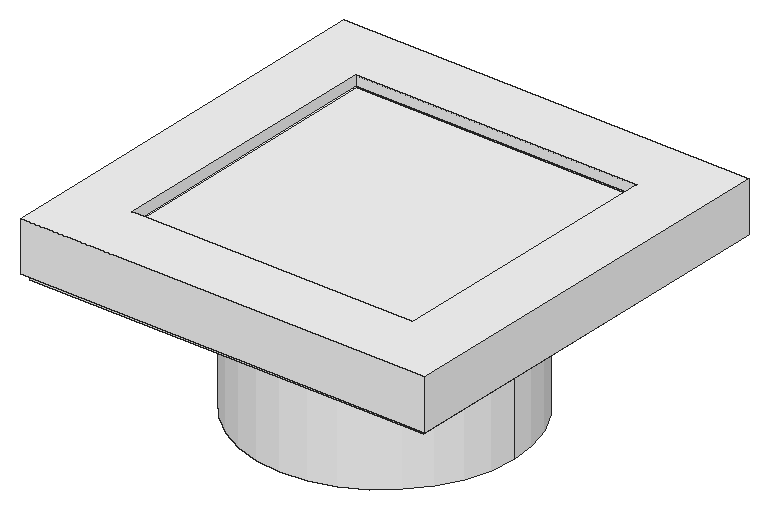
Revit family "Gira_2844600", category Electrical Fixtures, host Face, Revit 2017
Family settings
  Host = Face
  Maintain Annotation Orientation = Yes
  Round Connector Dimension = Use Diameter
  Part Type = Normal
  Cut with Voids When Loaded = No
  Shared = No
  Room Calculation Point = No
Parameters (values of type "Wipptaster BS 3f Schließer System 55 Edelstahl(lack.)")
  Zusammenstellung = "Basiselement mit Adapterplatte"
  White [instance] = White
  Werkstoffgüte = "sonstige"
  Werkstoff = "sonstige"
  URL = "http://katalog.gira.de/de_DE/datenblatt.html?artikelnr=2844600"
  Transparent = "No"
  Textfeld/Beschriftungsfläche = "No"
  Region = "DE"
  Oberfläche = "sonstige"
  Name = "Wipptaster BS 3f Schließer System 55 Edelstahl(lack.)"
  Montageart = "unter Putz"
  Model = "Sys55_Komplettgerät_Schalten und Tasten"
  Mit Beleuchtung = "No"
  Manufacturer URL = "https://www.gira.de/"
  Kontakte = "sonstige"
  HeinzeBIM = "https://bimportal.heinze.de/bim/wipptaster-bs-3f-schliesser-system-55-edelstahl-lack-/950722bbb0576ae0dea0ca43236475b263f4d9a4"
  Halogenfrei = "Yes"
  HAN = "2844600"
  Geeignet für Schutzart (IP) = "IP20"
  GTIN = "4010337021957"
  Farbe = "edelstahl"
  Default Elevation = 1219.2 mm
  Data sheet (1) = "https://katalog.gira.de/de_DE/download.html?artikelnr=2844600"
  Category = "Taster"
  Befestigungsart = "Krallen-/Schraubbefestigung"
  Bedienungsart = "Wippe"
  Available = "Yes"
  Ausführung = "Gruppentaster"
  Aufdruck = "ohne"
  Anzahl der Betätigungswippen = "3 "
Reference planes
  plane 1 "Center (Front/Back)": y = 0
  plane 2: z = 0
  plane 3 "Center (Left/Right)": x = 0
Forms (mm)
  Extrusion 1, solid, material "White" <- "White", detail levels medium
    sketch origin (0, 0, 0) x (1, 0, 0) y (0, 1, 0)
      loop
        line (-40.4, 40.4) -> (-40.4, -40.4) -> (40.4, -40.4) -> (40.4, 40.4) -> (-40.4, 40.4)
      loop
        line (-28, 28) -> (-28, -28) -> (28, -28) -> (28, 28) -> (-28, 28)
    from 0 to 10
  Extrusion 2, solid, material "White" <- "White", detail levels fine
    sketch origin (0, 0, 0) x (1, 0, 0) y (0, 1, 0)
      loop
        line (-40.4, 40.4) -> (-40.4, -40.4) -> (40.4, -40.4) -> (40.4, 40.4) -> (-40.4, 40.4)
      loop
        line (-28, 28) -> (-28, -28) -> (28, -28) -> (28, 28) -> (-28, 28)
    from 0 to 10
  Extrusion 3, void
    sketch origin (0, 0, 0) x (1, 0, 0) y (0, 1, 0)
      loop
        line (-38.4, 38.4) -> (-38.4, -38.4) -> (38.4, -38.4) -> (38.4, 38.4) -> (-38.4, 38.4)
    from 0 to 8
  Extrusion 4, solid, material "White" <- "White", detail levels medium+fine
    sketch origin (0, 0, 0) x (1, 0, 0) y (0, 1, 0)
      loop
        line (-39.4, 39.4) -> (-39.4, -39.4) -> (39.4, -39.4) -> (39.4, 39.4) -> (-39.4, 39.4)
    from 0 to -1
  Extrusion 5, solid, material "White" <- "White", detail levels medium+fine
    sketch origin (0, 0, 0) x (1, 0, 0) y (0, 1, 0)
      loop
        line (-35.5, 35.5) -> (-35.5, -35.5) -> (35.5, -35.5) -> (35.5, 35.5) -> (-35.5, 35.5)
    from -2 to -3
  Extrusion 6, solid, material "White" <- "White", detail levels medium+fine
    sketch origin (0, 0, 0) x (1, 0, 0) y (0, 1, 0)
      loop
        circle (0, 0) r 26
    from 0 to -27.5
  Extrusion 7, solid, material "White" <- "White", detail levels coarse
    sketch origin (0, 0, 0) x (1, 0, 0) y (0, 1, 0)
      loop
        line (-40.4, 40.4) -> (-40.4, -40.4) -> (40.4, -40.4) -> (40.4, 40.4) -> (-40.4, 40.4)
    from -27.5 to 10
Cuts and joins
  Extrusion 3 cuts Extrusion 2
Dimensions and locks
  aligned and locked: plane 2 to host face
  aligned and locked: level to host face
  aligned and locked: plane 3 "Center (Left/Right)" to nested 2
  aligned and locked: plane 1 "Center (Front/Back)" to nested 2
Nested families
  nested 1: "Sys55_Abdeckung_Schalten und Tasten_floor_base" at (0, 0, 0), type "Sys55_Abdeckung_Schalten und Tasten_floor_base"
  nested 2: "Schalter" at (0, 0, 0), type "Schalter"
Connectors
  electrical at (0, 0, -27.5)
    settings: on Extrusion 6, index 1, voltage 220 V, apparent load 0 VA, apparent load phase1 0 VA, apparent load phase2 0 VA, apparent load phase3 0 VA, power factor 1, load classification "Other", number of poles 1, system type 30, power factor state 1, is connector primary yes, connector utility no, sub classification motor no, connector description ""
Definition of nested family "Sys55_Abdeckung_Schalten und Tasten_floor_base"
  Parameters
    Default Elevation = 1219.2 mm
    White [instance] = none
  Reference planes
    plane 1 "Center (Front/Back)": y = 0
    plane 2: z = 0
    plane 3 "Center (Left/Right)": x = 0
  Forms (mm)
    Extrusion 1, solid
      sketch origin (0, 0, 0) x (1, 0, 0) y (0, 1, 0)
        loop
          line (-1219.2, 1219.2) -> (-1219.2, -1219.2) -> (1219.2, -1219.2) -> (1219.2, 1219.2) -> (-1219.2, 1219.2)
      from 0 to -304.8
    Extrusion 2, solid, material <- "White", detail levels fine
      sketch origin (0, 0, 0) x (1, 0, 0) y (0, 1, 0)
        loop
          line (-27.5, 27.5) -> (-27.5, -27.5) -> (27.5, -27.5) -> (27.5, 27.5) -> (-27.5, 27.5)
      from 0 to 8
    Extrusion 3, void
      sketch origin (0, 0, 0) x (1, 0, 0) y (0, 1, 0)
        loop
          line (26, 26) -> (-26, 26) -> (-26, -26) -> (26, -26) -> (26, 26)
      from 0 to 6
    Extrusion 4, solid, material <- "White", detail levels medium
      sketch origin (0, 0, 0) x (1, 0, 0) y (0, 1, 0)
        loop
          line (-27.5, 27.5) -> (-27.5, -27.5) -> (27.5, -27.5) -> (27.5, 27.5) -> (-27.5, 27.5)
      from 0 to 8
    Extrusion 5, solid, material <- "White", detail levels medium
      sketch origin (0, 0, 0) x (1, 0, 0) y (0, 1, 0)
        loop
          line (11, -17.5) -> (11, 17.5) -> (-11, 17.5) -> (-11, -17.5) -> (11, -17.5)
      from -6 to 6
    Extrusion 6, solid, material <- "White", detail levels fine
      sketch origin (0, 0, 0) x (1, 0, 0) y (0, 1, 0)
        loop
          line (11, 17.5) -> (-11, 17.5) -> (-11, 16.5) -> (11, 16.5) -> (11, 17.5)
        loop
          line (-11, -16.5) -> (-11, -17.5) -> (11, -17.5) -> (11, -16.5) -> (-11, -16.5)
      from -4 to 6
    Extrusion 7, solid, material <- "White", detail levels fine
      sketch origin (0, 0, 0) x (1, 0, 0) y (0, 1, 0)
        loop
          arc (5, 9.347) -> (0, 10.6) -> (-5, 9.347) r 10.6
          line (-5, 9.347) -> (-5, -9.347)
          arc (-5, -9.347) -> (0, -10.6) -> (5, -9.347) r 10.6
          line (5, -9.347) -> (5, 9.347)
      from -6 to 6
    Extrusion 8, solid, material <- "White", detail levels coarse
      sketch origin (0, 0, 0) x (1, 0, 0) y (0, 1, 0)
        loop
          line (-27.5, 27.5) -> (-27.5, -27.5) -> (27.5, -27.5) -> (27.5, 27.5) -> (-27.5, 27.5)
      from -6 to 8
  Cuts and joins
    Extrusion 3 cuts Extrusion 2
  Dimensions and locks
    aligned and locked: plane 2 to Extrusion 1
    aligned and locked: level to Extrusion 1
Definition of nested family "Schalter"
  Reference planes
    plane 1: y = 0
    plane 2: x = 0
  Lines and regions (mm)
    detail lines
      curve 1: circle (1.375, 2.778, 0) r 0.8 normal (0, 0, 1)
      curve 2: line (1.021, 2.061, 0) -> (0, 0, 0)
      curve 3: line (0, 0, 0) -> (-0.538, 0.266, 0)
  Dimensions and locks
    curve 2 to curve 2 = 2.3 mm
    curve 3 to curve 2 = 0.6 mm
    radius of curve 1 = 0.8 mm
